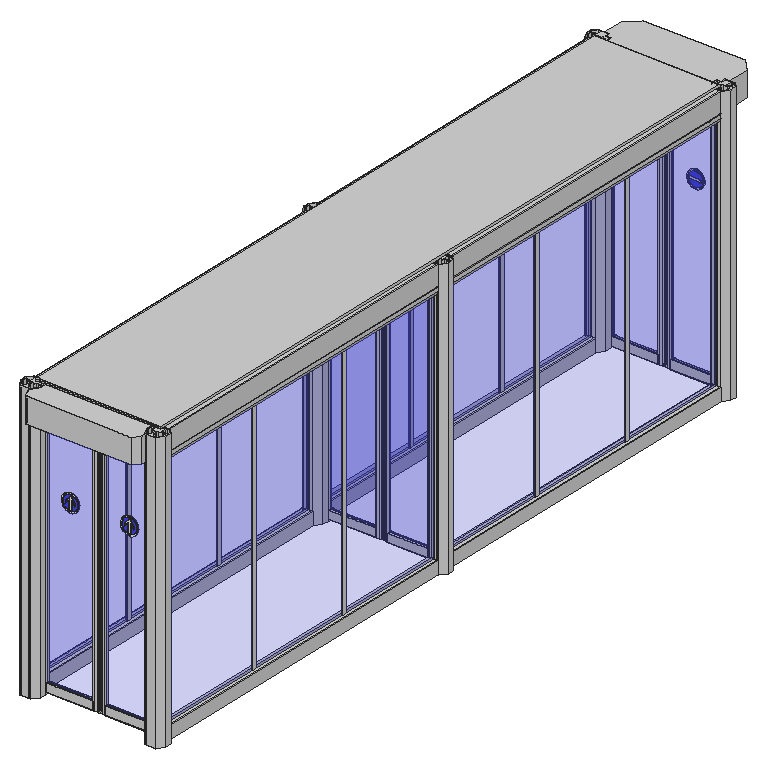
Revit family "agtatec_Record_ScrtTnnl_FlipFlowTriple_Standalone2", category Doors, Revit 2015
Parameters (values of type "FlipFlow Triple_1229")
  Width = NominalWidth  # 1229.00 mm
  Weight = "n/a"
  WarrantyStartDate [instance] = "369.999988368056"
  WarrantyGuarantorParts = "Local door manufacturer"
  WarrantyDurationUnit = "Depends on country"
  WarrantyDurationParts = "Depends on country"
  WarrantyDescription = "Depends on country"
  Version = "1"
  Uniclass2015Version = "1.9"
  Uniclass2015Title = "High security doorsets"
  Uniclass2015Code = "Pr_30_59_24_37"
  URL = ""
  Type Comments = ""
  ThresholdStripping = no
  ThresholdRequired = no
  Thickness = 0.00 mm
  ThermalTransmittance = 0
  TagNumber [instance] = "n/a"
  SmokeStop = no
  Size = "2365x6577x1229"
  Shape = "cuboid shaped"
  SerialNumber [instance] = "n/a"
  Sensor = agtatec_Record_Aluminium
  SelfClosing = yes
  SafetyDevices = "YES"
  Rubber = agtatec_Record_Rubber
  Rough Width = NominalWidth  # 1229.00 mm
  Rough Height = NominalHeight  # 2365.00 mm
  Revision = "n/a"
  ReplacementCost = "Depends on the configuration and door type"
  Reference = "n/a"
  ProductInformation = "www.agta-record.com"
  PassageWidthOptions = "650/900/1100/1205"
  PassageWidth = 900.00 mm
  PassageHeight = 2150.00 mm
  PanelWidth = (PassageWidth / 2) + 23.10 mm  # 473.10 mm
  PanelGlass = agtatec_Record_Glass
  Operation = "Automatic"
  OperatingTemperature = "n/a"
  OpeningRotationAngle = if(OpenDoor, 90.00°, 0.00°)  # 0.00°
  OpenDoor = no
  NominalWidth = 1229.00 mm
  NominalLength = 6577.00 mm
  NominalHeight = 2365.00 mm
  Name = "record FlipFlow Triple"
  NBSReference = "25-50-20/178"
  NBSDescription = "Sliding Doorset"
  ModelReference = "depends on the configuration"
  ModelNumber = "n/a"
  Model = ""
  Material = "Aluminium"
  ManufacturerURL = "www.agta-record.com"
  Manufacturer = "info@blasi.info"
  Length = 5999.839 mm
  LeafColourOptions = "n/a"
  Keynote = ""
  IsExternal = no
  InstallationDate [instance] = "369.999988368056"
  Infiltration = 0
  IfcExportType = "Door"
  IfcExportAs = "IFCDoorStyle"
  HeightUnderCanopyOptions = "n/a"
  Height = NominalHeight  # 2365.00 mm
  HasDrive = yes
  HandicapAccessible = yes
  Grade = "n/a"
  GlassType = "n/a"
  GlassThickness2 = 0.00 mm
  GlassThickness1 = 0.00 mm
  GlassLayers = 1
  Function = Exterior
  Frames = agtatec_Record_Aluminium
  FrameProfile = "n/a"
  FrameMaterial = agtatec_Record_Aluminium
  FrameFinishOptions = "stainless steel finish"
  Fire Rating = ""
  Finish = "Aluminium and Glass"
  Features = "n/a"
  Extended = no
  ExpectedLife = "n/a"
  ElectronicLock = yes
  DurationUnit = "Year"
  DoorsetOptions = "n/a"
  DoorsetOperation = "n/a"
  DoorsetFasteners = "n/a"
  DoorSeal = yes
  DoorIncluded = yes
  DiameterOptions = "n/a"
  Description = ""
  Cost = 0
  Construction Type = "Automatic Sliding Door"
  Constituents = "n/a"
  Configuration = "n/a"
  Color = "RAL"
  CodePerformance = "n/a"
  Category = "n/a"
  Capacity = "up tp 2000 people / hour"
  CanopyHeightOptions = "n/a"
  CanopyHeight = 211.00 mm
  BarCode [instance] = "n/a"
  BIMObjectName = "agtatec_Record_ScrtTnnl_FlipFlowTriple_Standalone"
  Author = "agtatec"
  AssetType = "n/a"
  AssetIdentifier [instance] = "n/a"
  Assembly Code = ""
  AntiFingerTrapRequirement = no
  AlternativeDoorsetGlazing = "n/a"
  AccessoryOptions = "n/a"
  AccessibilityPerformance = "n/a"
Reference planes
  plane 1 "Entry": y = 0
  plane 2: z = 0
  plane 3 "Center (Left/Right)": x = 0
  plane 4 "Top": z = 2361
  plane 5 "PH": z = 2150
  plane 6: x = -450
  plane 7: x = 450
  plane 8 "Exit": y = 5999.839
  plane 9 "Center": y = 2999.92
  plane 10: x = 473.1
  plane 11: x = -473.1
  plane 12: x = 528.05
  plane 13: x = 536.25
  plane 14: x = -528.05
  plane 15: x = -536.25
  plane 16: y = 3009.27
  plane 17: y = 2879.26
  plane 18: y = 9.35
  plane 19: y = 5879.3
  plane 20: y = 1922.623
  plane 21: y = 965.987
  plane 22: y = 4922.623
  plane 23: y = 3965.946
  plane 24: y = 1926.623
  plane 25: y = 1918.623
  plane 26: y = 969.987
  plane 27: y = 961.987
  plane 28: y = 4926.623
  plane 29: y = 4918.623
  plane 30: y = 3969.946
  plane 31: y = 3961.946
  plane 32: y = 17.45
  plane 33: y = 2871.16
  plane 34: y = 3017.37
  plane 35: y = 5871.079
  plane 36: z = 70.9
  plane 37: z = 2130.9
  plane 38 "Sensor": y = 6298
Forms (mm)
  Sweep 1, solid, material "agtatec_Record_Aluminium" <- "Frames"
    path origin (0, 0, 0) x (1, 0, 0) y (0, 0, 1)
      loop
        line (450, 0) -> (450, 2361)
    profile origin (450, 0, 1180.5) x (-1, 0, 0) y (0, -1, 0)
      loop
        line (-37.465, 128.76) -> (-127.035, 128.76) -> (-164.5, 68.803) -> (-164.5, 20.298) -> (-126.752, -17.45) -> (-94.75, -17.45) -> (-94.75, 2.55) -> (-69.55, 2.55) -> (-69.55, -17.45) -> (-43.296, -17.45) -> (-43.296, 20.296) -> (0, 20.296) -> (0, 68.803) -> (-37.465, 128.76)
      loop
        line (-93.15, 103.76) -> (-100.15, 103.76) -> (-100.15, 113.76) -> (-110.85, 113.76) -> (-110.85, 121.863) -> (-127.78, 121.863) -> (-162, 67.057) -> (-162, 65.303) -> (-144.6, 65.303) -> (-144.6, 44) -> (-121.65, 44) -> (-121.65, 53.5) -> (-84.65, 53.5) -> (-84.65, 90.06) -> (-93.15, 90.06) -> (-93.15, 103.76)
      loop
        line (-71.15, 103.76) -> (-71.15, 90.06) -> (-79.65, 90.06) -> (-79.65, 53.5) -> (-42.65, 53.5) -> (-42.65, 44) -> (-19.9, 44) -> (-19.9, 65.303) -> (-2.3, 65.303) -> (-2.3, 67.057) -> (-36.52, 121.863) -> (-53.45, 121.863) -> (-53.45, 113.76) -> (-64.15, 113.76) -> (-64.15, 103.76) -> (-71.15, 103.76)
      loop
        line (-102.6, 39) -> (-162, 39) -> (-162, 21.326) -> (-129.934, -10.74) -> (-106, -10.74) -> (-106, -7.95) -> (-102.6, -7.95) -> (-102.6, 39)
  Sweep 2, solid, material "agtatec_Record_Aluminium" <- "Frames"
    path origin (0, 2999.92, 0) x (1, 0, 0) y (0, 0, 1)
      loop
        line (450, 0) -> (450, 2361)
    profile origin (450, 2999.92, 1180.5) x (-1, 0, 0) y (0, -1, 0)
      loop
        line (-37.465, 128.76) -> (-69.55, 128.76) -> (-69.55, 108.76) -> (-94.75, 108.76) -> (-94.75, 128.76) -> (-127.035, 128.76) -> (-164.5, 68.803) -> (-164.5, 20.298) -> (-126.752, -17.45) -> (-94.75, -17.45) -> (-94.75, 2.55) -> (-69.55, 2.55) -> (-69.55, -17.45) -> (-43.296, -17.45) -> (-43.296, 20.296) -> (0, 20.296) -> (0, 68.803) -> (-37.465, 128.76)
      loop
        line (-93.15, 103.76) -> (-100.15, 103.76) -> (-100.15, 113.76) -> (-110.85, 113.76) -> (-110.85, 121.863) -> (-127.78, 121.863) -> (-162, 67.057) -> (-162, 65.303) -> (-144.6, 65.303) -> (-144.6, 44) -> (-121.65, 44) -> (-121.65, 53.5) -> (-84.65, 53.5) -> (-84.65, 90.06) -> (-93.15, 90.06) -> (-93.15, 103.76)
      loop
        line (-71.15, 103.76) -> (-71.15, 90.06) -> (-79.65, 90.06) -> (-79.65, 53.5) -> (-42.65, 53.5) -> (-42.65, 44) -> (-19.9, 44) -> (-19.9, 65.303) -> (-2.3, 65.303) -> (-2.3, 67.057) -> (-36.52, 121.863) -> (-53.45, 121.863) -> (-53.45, 113.76) -> (-64.15, 113.76) -> (-64.15, 103.76) -> (-71.15, 103.76)
      loop
        line (-102.6, 39) -> (-162, 39) -> (-162, 21.326) -> (-129.934, -10.74) -> (-106, -10.74) -> (-106, -7.95) -> (-102.6, -7.95) -> (-102.6, 39)
  Sweep 3, solid, material "agtatec_Record_Aluminium" <- "Frames"
    path origin (0, 5999.839, 0) x (1, 0, 0) y (0, 0, 1)
      loop
        line (450, 0) -> (450, 2361)
    profile origin (450, 5999.839, 1180.5) x (-1, 0, 0) y (0, -1, 0)
      loop
        line (-37.465, 128.76) -> (-69.55, 128.76) -> (-69.55, 108.76) -> (-94.75, 108.76) -> (-94.75, 128.76) -> (-127.035, 128.76) -> (-164.5, 68.803) -> (-164.5, 20.298) -> (-126.752, -17.45) -> (-43.296, -17.45) -> (-43.296, 20.296) -> (0, 20.296) -> (0, 68.803) -> (-37.465, 128.76)
      loop
        line (-93.15, 103.76) -> (-100.15, 103.76) -> (-100.15, 113.76) -> (-110.85, 113.76) -> (-110.85, 121.863) -> (-127.78, 121.863) -> (-162, 67.057) -> (-162, 65.303) -> (-144.6, 65.303) -> (-144.6, 44) -> (-121.65, 44) -> (-121.65, 53.5) -> (-84.65, 53.5) -> (-84.65, 90.06) -> (-93.15, 90.06) -> (-93.15, 103.76)
      loop
        line (-71.15, 103.76) -> (-71.15, 90.06) -> (-79.65, 90.06) -> (-79.65, 53.5) -> (-42.65, 53.5) -> (-42.65, 44) -> (-19.9, 44) -> (-19.9, 65.303) -> (-2.3, 65.303) -> (-2.3, 67.057) -> (-36.52, 121.863) -> (-53.45, 121.863) -> (-53.45, 113.76) -> (-64.15, 113.76) -> (-64.15, 103.76) -> (-71.15, 103.76)
      loop
        line (-102.6, 39) -> (-162, 39) -> (-162, 21.326) -> (-129.934, -10.74) -> (-106, -10.74) -> (-106, -7.95) -> (-102.6, -7.95) -> (-102.6, 39)
  Sweep 4, solid, material "agtatec_Record_Aluminium" <- "Frames"
    path origin (0, 0, 0) x (-1, 0, 0) y (0, 0, 1)
      loop
        line (450, 0) -> (450, 2361)
    profile origin (-450, 0, 1180.5) x (-1, 0, 0) y (0, -1, 0)
      loop
        line (37.465, 128.76) -> (0, 68.803) -> (0, 20.296) -> (43.296, 20.296) -> (43.296, -17.45) -> (69.55, -17.45) -> (69.55, 2.55) -> (94.75, 2.55) -> (94.75, -17.45) -> (126.752, -17.45) -> (164.5, 20.298) -> (164.5, 68.803) -> (127.035, 128.76) -> (37.465, 128.76)
      loop
        line (93.15, 103.76) -> (93.15, 90.06) -> (84.65, 90.06) -> (84.65, 53.5) -> (121.65, 53.5) -> (121.65, 44) -> (144.6, 44) -> (144.6, 65.303) -> (162, 65.303) -> (162, 67.057) -> (127.78, 121.863) -> (110.85, 121.863) -> (110.85, 113.76) -> (100.15, 113.76) -> (100.15, 103.76) -> (93.15, 103.76)
      loop
        line (71.15, 103.76) -> (64.15, 103.76) -> (64.15, 113.76) -> (53.45, 113.76) -> (53.45, 121.863) -> (36.52, 121.863) -> (2.3, 67.057) -> (2.3, 65.303) -> (19.9, 65.303) -> (19.9, 44) -> (42.65, 44) -> (42.65, 53.5) -> (79.65, 53.5) -> (79.65, 90.06) -> (71.15, 90.06) -> (71.15, 103.76)
      loop
        line (102.6, 39) -> (102.6, -7.95) -> (106, -7.95) -> (106, -10.74) -> (129.934, -10.74) -> (162, 21.326) -> (162, 39) -> (102.6, 39)
  Sweep 5, solid, material "agtatec_Record_Aluminium" <- "Frames"
    path origin (0, 2999.92, 0) x (-1, 0, 0) y (0, 0, 1)
      loop
        line (450, 0) -> (450, 2361)
    profile origin (-450, 2999.92, 1180.5) x (-1, 0, 0) y (0, -1, 0)
      loop
        line (37.465, 128.76) -> (0, 68.803) -> (0, 20.296) -> (43.296, 20.296) -> (43.296, -17.45) -> (69.55, -17.45) -> (69.55, 2.55) -> (94.75, 2.55) -> (94.75, -17.45) -> (126.752, -17.45) -> (164.5, 20.298) -> (164.5, 68.803) -> (127.035, 128.76) -> (94.75, 128.76) -> (94.75, 108.76) -> (69.55, 108.76) -> (69.55, 128.76) -> (37.465, 128.76)
      loop
        line (93.15, 103.76) -> (93.15, 90.06) -> (84.65, 90.06) -> (84.65, 53.5) -> (121.65, 53.5) -> (121.65, 44) -> (144.6, 44) -> (144.6, 65.303) -> (162, 65.303) -> (162, 67.057) -> (127.78, 121.863) -> (110.85, 121.863) -> (110.85, 113.76) -> (100.15, 113.76) -> (100.15, 103.76) -> (93.15, 103.76)
      loop
        line (71.15, 103.76) -> (64.15, 103.76) -> (64.15, 113.76) -> (53.45, 113.76) -> (53.45, 121.863) -> (36.52, 121.863) -> (2.3, 67.057) -> (2.3, 65.303) -> (19.9, 65.303) -> (19.9, 44) -> (42.65, 44) -> (42.65, 53.5) -> (79.65, 53.5) -> (79.65, 90.06) -> (71.15, 90.06) -> (71.15, 103.76)
      loop
        line (102.6, 39) -> (102.6, -7.95) -> (106, -7.95) -> (106, -10.74) -> (129.934, -10.74) -> (162, 21.326) -> (162, 39) -> (102.6, 39)
  Sweep 6, solid, material "agtatec_Record_Aluminium" <- "Frames"
    path origin (0, 5999.839, 0) x (-1, 0, 0) y (0, 0, 1)
      loop
        line (450, 0) -> (450, 2361)
    profile origin (-450, 5999.839, 1180.5) x (-1, 0, 0) y (0, -1, 0)
      loop
        line (37.465, 128.76) -> (0, 68.803) -> (0, 20.296) -> (43.296, 20.296) -> (43.296, -17.45) -> (126.752, -17.45) -> (164.5, 20.298) -> (164.5, 68.803) -> (127.035, 128.76) -> (94.75, 128.76) -> (94.75, 108.76) -> (69.55, 108.76) -> (69.55, 128.76) -> (37.465, 128.76)
      loop
        line (93.15, 103.76) -> (93.15, 90.06) -> (84.65, 90.06) -> (84.65, 53.5) -> (121.65, 53.5) -> (121.65, 44) -> (144.6, 44) -> (144.6, 65.303) -> (162, 65.303) -> (162, 67.057) -> (127.78, 121.863) -> (110.85, 121.863) -> (110.85, 113.76) -> (100.15, 113.76) -> (100.15, 103.76) -> (93.15, 103.76)
      loop
        line (71.15, 103.76) -> (64.15, 103.76) -> (64.15, 113.76) -> (53.45, 113.76) -> (53.45, 121.863) -> (36.52, 121.863) -> (2.3, 67.057) -> (2.3, 65.303) -> (19.9, 65.303) -> (19.9, 44) -> (42.65, 44) -> (42.65, 53.5) -> (79.65, 53.5) -> (79.65, 90.06) -> (71.15, 90.06) -> (71.15, 103.76)
      loop
        line (102.6, 39) -> (102.6, -7.95) -> (106, -7.95) -> (106, -10.74) -> (129.934, -10.74) -> (162, 21.326) -> (162, 39) -> (102.6, 39)
  Extrusion 7, solid, material "agtatec_Record_Glass" <- "PanelGlass"
    sketch origin (0, 0, 0) x (1, 0, 0) y (0, 1, 0)
      loop
        line (536.25, 9.35) -> (536.25, 961.987) -> (528.05, 961.987) -> (528.05, 9.35) -> (536.25, 9.35)
      loop
        line (536.25, 2879.26) -> (528.05, 2879.26) -> (528.05, 1926.623) -> (536.25, 1926.623) -> (536.25, 2879.26)
      loop
        line (536.25, 3009.27) -> (536.25, 3961.946) -> (528.05, 3961.946) -> (528.05, 3009.27) -> (536.25, 3009.27)
      loop
        line (536.25, 5879.3) -> (528.05, 5879.3) -> (528.05, 4926.623) -> (536.25, 4926.623) -> (536.25, 5879.3)
      loop
        line (536.25, 969.987) -> (536.25, 1918.623) -> (528.05, 1918.623) -> (528.05, 969.987) -> (536.25, 969.987)
      loop
        line (536.25, 3969.946) -> (536.25, 4918.623) -> (528.05, 4918.623) -> (528.05, 3969.946) -> (536.25, 3969.946)
    from 70.9 to 2130.9
  Extrusion 8, solid, material "agtatec_Record_Glass" <- "PanelGlass"
    sketch origin (0, 0, 0) x (-1, 0, 0) y (0, -1, 0)
      loop
        line (536.25, -9.35) -> (528.05, -9.35) -> (528.05, -961.987) -> (536.25, -961.987) -> (536.25, -9.35)
      loop
        line (536.25, -2879.26) -> (536.25, -1926.623) -> (528.05, -1926.623) -> (528.05, -2879.26) -> (536.25, -2879.26)
      loop
        line (536.25, -3009.27) -> (528.05, -3009.27) -> (528.05, -3961.946) -> (536.25, -3961.946) -> (536.25, -3009.27)
      loop
        line (536.25, -5879.3) -> (536.25, -4926.623) -> (528.05, -4926.623) -> (528.05, -5879.3) -> (536.25, -5879.3)
      loop
        line (528.05, -969.987) -> (528.05, -1918.623) -> (536.25, -1918.623) -> (536.25, -969.987) -> (528.05, -969.987)
      loop
        line (528.05, -3969.946) -> (528.05, -4918.623) -> (536.25, -4918.623) -> (536.25, -3969.946) -> (528.05, -3969.946)
    from 0 to 2130.9
  Sweep 9, solid, material "agtatec_Record_Aluminium" <- "Frames"
    path origin (-3291.85, 965.987, 1200) x (1, 0, 0) y (0, 0, 1)
      loop
        line (3741.85, -1129.1) -> (3741.85, 930.9)
    profile origin (450, 965.987, 1100.9) x (-1, 0, 0) y (0, -1, 0)
      loop
        line (-77.85, -1) -> (-77.85, -15) -> (-75.85, -15) -> (-75.85, 15) -> (-77.85, 15) -> (-77.85, 1) -> (-86.45, 1) -> (-86.45, 15) -> (-88.45, 15) -> (-88.45, -15) -> (-86.45, -15) -> (-86.45, -1) -> (-77.85, -1)
  Sweep 10, solid, material "agtatec_Record_Aluminium" <- "Frames"
    path origin (-3291.85, 1922.623, 1200) x (1, 0, 0) y (0, 0, 1)
      loop
        line (3741.85, -1129.1) -> (3741.85, 930.9)
    profile origin (450, 1922.623, 1100.9) x (-1, 0, 0) y (0, -1, 0)
      loop
        line (-77.85, -1) -> (-77.85, -15) -> (-75.85, -15) -> (-75.85, 15) -> (-77.85, 15) -> (-77.85, 1) -> (-86.45, 1) -> (-86.45, 15) -> (-88.45, 15) -> (-88.45, -15) -> (-86.45, -15) -> (-86.45, -1) -> (-77.85, -1)
  Sweep 11, solid, material "agtatec_Record_Aluminium" <- "Frames"
    path origin (-3291.85, 3965.946, 1200) x (1, 0, 0) y (0, 0, 1)
      loop
        line (3741.85, -1129.1) -> (3741.85, 930.9)
    profile origin (450, 3965.946, 1100.9) x (-1, 0, 0) y (0, -1, 0)
      loop
        line (-77.85, -1) -> (-77.85, -15) -> (-75.85, -15) -> (-75.85, 15) -> (-77.85, 15) -> (-77.85, 1) -> (-86.45, 1) -> (-86.45, 15) -> (-88.45, 15) -> (-88.45, -15) -> (-86.45, -15) -> (-86.45, -1) -> (-77.85, -1)
  Sweep 12, solid, material "agtatec_Record_Aluminium" <- "Frames"
    path origin (-3291.85, 4922.623, 1200) x (1, 0, 0) y (0, 0, 1)
      loop
        line (3741.85, -1129.1) -> (3741.85, 930.9)
    profile origin (450, 4922.623, 1100.9) x (-1, 0, 0) y (0, -1, 0)
      loop
        line (-77.85, -1) -> (-77.85, -15) -> (-75.85, -15) -> (-75.85, 15) -> (-77.85, 15) -> (-77.85, 1) -> (-86.45, 1) -> (-86.45, 15) -> (-88.45, 15) -> (-88.45, -15) -> (-86.45, -15) -> (-86.45, -1) -> (-77.85, -1)
  Sweep 13, solid, material "agtatec_Record_Aluminium" <- "Frames"
    path origin (3291.85, 965.987, 1200) x (-1, 0, 0) y (0, 0, -1)
      loop
        line (3741.85, 1129.1) -> (3741.85, -930.9)
    profile origin (-450, 965.987, 1100.9) x (-1, 0, 0) y (0, -1, 0)
      loop
        line (77.85, -1) -> (86.45, -1) -> (86.45, -15) -> (88.45, -15) -> (88.45, 15) -> (86.45, 15) -> (86.45, 1) -> (77.85, 1) -> (77.85, 15) -> (75.85, 15) -> (75.85, -15) -> (77.85, -15) -> (77.85, -1)
  Sweep 14, solid, material "agtatec_Record_Aluminium" <- "Frames"
    path origin (3291.85, 1922.623, 1200) x (-1, 0, 0) y (0, 0, -1)
      loop
        line (3741.85, 1129.1) -> (3741.85, -930.9)
    profile origin (-450, 1922.623, 1100.9) x (-1, 0, 0) y (0, -1, 0)
      loop
        line (77.85, -1) -> (86.45, -1) -> (86.45, -15) -> (88.45, -15) -> (88.45, 15) -> (86.45, 15) -> (86.45, 1) -> (77.85, 1) -> (77.85, 15) -> (75.85, 15) -> (75.85, -15) -> (77.85, -15) -> (77.85, -1)
  Sweep 15, solid, material "agtatec_Record_Aluminium" <- "Frames"
    path origin (-3291.85, 3965.946, 1200) x (1, 0, 0) y (0, 0, 1)
      loop
        line (2841.85, -1129.1) -> (2841.85, 930.9)
    profile origin (-450, 3965.946, 1100.9) x (-1, 0, 0) y (0, -1, 0)
      loop
        line (77.85, -1) -> (86.45, -1) -> (86.45, -15) -> (88.45, -15) -> (88.45, 15) -> (86.45, 15) -> (86.45, 1) -> (77.85, 1) -> (77.85, 15) -> (75.85, 15) -> (75.85, -15) -> (77.85, -15) -> (77.85, -1)
  Sweep 16, solid, material "agtatec_Record_Aluminium" <- "Frames"
    path origin (-3291.85, 4922.623, 1200) x (1, 0, 0) y (0, 0, 1)
      loop
        line (2841.85, -1129.1) -> (2841.85, 930.9)
    profile origin (-450, 4922.623, 1100.9) x (-1, 0, 0) y (0, -1, 0)
      loop
        line (77.85, -1) -> (86.45, -1) -> (86.45, -15) -> (88.45, -15) -> (88.45, 15) -> (86.45, 15) -> (86.45, 1) -> (77.85, 1) -> (77.85, 15) -> (75.85, 15) -> (75.85, -15) -> (77.85, -15) -> (77.85, -1)
  Sweep 17, solid, material "agtatec_Record_Aluminium" <- "Frames"
    path origin (0, 0, 0) x (1, 0, 0) y (0, 1, 0)
      loop
        line (450, 17.45) -> (450, 2871.16)
    profile origin (450, 1444.305, 0) x (-1, 0, 0) y (0, 0, 1)
      loop
        line (-39.65, 0.9) -> (-39.65, 105.9)
        arc (-39.65, 105.9) -> (-41.114, 109.436) -> (-44.65, 110.9) r 5
        line (-44.65, 110.9) -> (-72.65, 110.9) -> (-72.65, 70.9) -> (-91.65, 70.9) -> (-91.65, 110.9) -> (-119.65, 110.9)
        arc (-119.65, 110.9) -> (-123.186, 109.436) -> (-124.65, 105.9) r 5
        line (-124.65, 105.9) -> (-124.65, 0.9) -> (-39.65, 0.9)
  Sweep 18, solid, material "agtatec_Record_Aluminium" <- "Frames"
    path origin (0, 2999.96, 0) x (1, 0, 0) y (0, 1, 0)
      loop
        line (450, 17.41) -> (450, 2871.119)
    profile origin (450, 4444.224, 0) x (-1, 0, 0) y (0, 0, 1)
      loop
        line (-39.65, 0.9) -> (-39.65, 105.9)
        arc (-39.65, 105.9) -> (-41.114, 109.436) -> (-44.65, 110.9) r 5
        line (-44.65, 110.9) -> (-72.65, 110.9) -> (-72.65, 70.9) -> (-91.65, 70.9) -> (-91.65, 110.9) -> (-119.65, 110.9)
        arc (-119.65, 110.9) -> (-123.186, 109.436) -> (-124.65, 105.9) r 5
        line (-124.65, 105.9) -> (-124.65, 0.9) -> (-39.65, 0.9)
  Sweep 19, solid, material "agtatec_Record_Aluminium" <- "Frames"
    path origin (0, 0, 0) x (-1, 0, 0) y (0, 1, 0)
      loop
        line (450, 17.45) -> (450, 2871.16)
    profile origin (-450, 1444.305, 0) x (-1, 0, 0) y (0, 0, 1)
      loop
        line (39.65, 0.9) -> (124.65, 0.9) -> (124.65, 105.9)
        arc (124.65, 105.9) -> (123.186, 109.436) -> (119.65, 110.9) r 5
        line (119.65, 110.9) -> (91.65, 110.9) -> (91.65, 70.9) -> (72.65, 70.9) -> (72.65, 110.9) -> (44.65, 110.9)
        arc (44.65, 110.9) -> (41.114, 109.436) -> (39.65, 105.9) r 5
        line (39.65, 105.9) -> (39.65, 0.9)
  Sweep 20, solid, material "agtatec_Record_Aluminium" <- "Frames"
    path origin (0, 2999.96, 0) x (-1, 0, 0) y (0, 1, 0)
      loop
        line (450, 17.41) -> (450, 2871.119)
    profile origin (-450, 4444.224, 0) x (-1, 0, 0) y (0, 0, 1)
      loop
        line (39.65, 0.9) -> (124.65, 0.9) -> (124.65, 105.9)
        arc (124.65, 105.9) -> (123.186, 109.436) -> (119.65, 110.9) r 5
        line (119.65, 110.9) -> (91.65, 110.9) -> (91.65, 70.9) -> (72.65, 70.9) -> (72.65, 110.9) -> (44.65, 110.9)
        arc (44.65, 110.9) -> (41.114, 109.436) -> (39.65, 105.9) r 5
        line (39.65, 105.9) -> (39.65, 0.9)
  Sweep 21, solid, material "agtatec_Record_Aluminium" <- "Frames"
    path origin (0, 0, 2150) x (-1, 0, 0) y (0, -1, 0)
      loop
        line (-450, -17.45) -> (-450, -2871.16)
    profile origin (450, 1444.305, 2150) x (-1, 0, 0) y (0, 0, 1)
      loop
        line (-60.47, -28.7) -> (-43.15, 1.3) -> (-43.15, 38.1) -> (-115.65, 38.1)
        arc (-115.65, 38.1) -> (-118.125, 39.125) -> (-119.15, 41.6) r 3.5
        line (-119.15, 41.6) -> (-119.15, 105.35) -> (-46.15, 105.35) -> (-46.15, 142.35) -> (-119.15, 142.35) -> (-119.15, 206.6)
        arc (-119.15, 206.6) -> (-118.271, 208.721) -> (-116.15, 209.6) r 3
        line (-116.15, 209.6) -> (-71.15, 209.6) -> (-71.15, 211.6) -> (-116.15, 211.6)
        arc (-116.15, 211.6) -> (-119.686, 210.136) -> (-121.15, 206.6) r 5
        line (-121.15, 206.6) -> (-121.15, 41.6)
        arc (-121.15, 41.6) -> (-119.539, 37.711) -> (-115.65, 36.1) r 5.5
        line (-115.65, 36.1) -> (-115.65, 35.1) -> (-121.15, 35.1) -> (-121.15, 1.3) -> (-103.83, -28.7) -> (-92.15, -28.7) -> (-92.15, -33.1) -> (-89.15, -33.1) -> (-89.15, -19.1) -> (-75.15, -19.1) -> (-75.15, -33.1) -> (-72.15, -33.1) -> (-72.15, -28.7) -> (-60.47, -28.7)
  Sweep 22, solid, material "agtatec_Record_Aluminium" <- "Frames"
    path origin (0, 2999.96, 2150) x (-1, 0, 0) y (0, -1, 0)
      loop
        line (-450, -17.45) -> (-450, -2871.16)
    profile origin (450, 4444.265, 2150) x (-1, 0, 0) y (0, 0, 1)
      loop
        line (-60.47, -28.7) -> (-43.15, 1.3) -> (-43.15, 38.1) -> (-115.65, 38.1)
        arc (-115.65, 38.1) -> (-118.125, 39.125) -> (-119.15, 41.6) r 3.5
        line (-119.15, 41.6) -> (-119.15, 105.35) -> (-46.15, 105.35) -> (-46.15, 142.35) -> (-119.15, 142.35) -> (-119.15, 206.6)
        arc (-119.15, 206.6) -> (-118.271, 208.721) -> (-116.15, 209.6) r 3
        line (-116.15, 209.6) -> (-71.15, 209.6) -> (-71.15, 211.6) -> (-116.15, 211.6)
        arc (-116.15, 211.6) -> (-119.686, 210.136) -> (-121.15, 206.6) r 5
        line (-121.15, 206.6) -> (-121.15, 41.6)
        arc (-121.15, 41.6) -> (-119.539, 37.711) -> (-115.65, 36.1) r 5.5
        line (-115.65, 36.1) -> (-115.65, 35.1) -> (-121.15, 35.1) -> (-121.15, 1.3) -> (-103.83, -28.7) -> (-92.15, -28.7) -> (-92.15, -33.1) -> (-89.15, -33.1) -> (-89.15, -19.1) -> (-75.15, -19.1) -> (-75.15, -33.1) -> (-72.15, -33.1) -> (-72.15, -28.7) -> (-60.47, -28.7)
  Sweep 23, solid, material "agtatec_Record_Aluminium" <- "Frames"
    path origin (0, 0, 2150) x (1, 0, 0) y (0, -1, 0)
      loop
        line (-450, -17.45) -> (-450, -2871.16)
    profile origin (-450, 1444.305, 2150) x (-1, 0, 0) y (0, 0, 1)
      loop
        line (60.47, -28.7) -> (72.15, -28.7) -> (72.15, -33.1) -> (75.15, -33.1) -> (75.15, -19.1) -> (89.15, -19.1) -> (89.15, -33.1) -> (92.15, -33.1) -> (92.15, -28.7) -> (103.83, -28.7) -> (121.15, 1.3) -> (121.15, 35.1) -> (115.65, 35.1) -> (115.65, 36.1)
        arc (115.65, 36.1) -> (119.539, 37.711) -> (121.15, 41.6) r 5.5
        line (121.15, 41.6) -> (121.15, 206.6)
        arc (121.15, 206.6) -> (119.686, 210.136) -> (116.15, 211.6) r 5
        line (116.15, 211.6) -> (71.15, 211.6) -> (71.15, 209.6) -> (116.15, 209.6)
        arc (116.15, 209.6) -> (118.271, 208.721) -> (119.15, 206.6) r 3
        line (119.15, 206.6) -> (119.15, 142.35) -> (46.15, 142.35) -> (46.15, 105.35) -> (119.15, 105.35) -> (119.15, 41.6)
        arc (119.15, 41.6) -> (118.125, 39.125) -> (115.65, 38.1) r 3.5
        line (115.65, 38.1) -> (43.15, 38.1) -> (43.15, 1.3) -> (60.47, -28.7)
  Sweep 24, solid, material "agtatec_Record_Aluminium" <- "Frames"
    path origin (0, 2999.96, 2150) x (1, 0, 0) y (0, -1, 0)
      loop
        line (-450, -17.45) -> (-450, -2871.16)
    profile origin (-450, 4444.265, 2150) x (-1, 0, 0) y (0, 0, 1)
      loop
        line (60.47, -28.7) -> (72.15, -28.7) -> (72.15, -33.1) -> (75.15, -33.1) -> (75.15, -19.1) -> (89.15, -19.1) -> (89.15, -33.1) -> (92.15, -33.1) -> (92.15, -28.7) -> (103.83, -28.7) -> (121.15, 1.3) -> (121.15, 35.1) -> (115.65, 35.1) -> (115.65, 36.1)
        arc (115.65, 36.1) -> (119.539, 37.711) -> (121.15, 41.6) r 5.5
        line (121.15, 41.6) -> (121.15, 206.6)
        arc (121.15, 206.6) -> (119.686, 210.136) -> (116.15, 211.6) r 5
        line (116.15, 211.6) -> (71.15, 211.6) -> (71.15, 209.6) -> (116.15, 209.6)
        arc (116.15, 209.6) -> (118.271, 208.721) -> (119.15, 206.6) r 3
        line (119.15, 206.6) -> (119.15, 142.35) -> (46.15, 142.35) -> (46.15, 105.35) -> (119.15, 105.35) -> (119.15, 41.6)
        arc (119.15, 41.6) -> (118.125, 39.125) -> (115.65, 38.1) r 3.5
        line (115.65, 38.1) -> (43.15, 38.1) -> (43.15, 1.3) -> (60.47, -28.7)
  Extrusion 25, solid, material "agtatec_Record_Aluminium" <- "Frames"
    sketch origin (0, 0, 0) x (0, 1, 0) y (0, 0, 1)
      loop
        line (5914.889, 2361) -> (5914.889, 2372.5)
        arc (5914.889, 2372.5) -> (5913.718, 2375.328) -> (5910.889, 2376.5) r 4
        line (5910.889, 2376.5) -> (-12.95, 2376.5)
        arc (-12.95, 2376.5) -> (-15.778, 2375.328) -> (-16.95, 2372.5) r 4
        line (-16.95, 2372.5) -> (-16.95, 2361) -> (5914.889, 2361)
    from -528.05 to 528.05
  Extrusion 26, solid, material "agtatec_Record_Aluminium" <- "Frames"
    sketch origin (0, 0, 2150) x (-1, 0, 0) y (0, -1, 0)
      loop
        line (-493.15, 20.296) -> (-493.15, -2871.16) -> (-487.465, -2871.16) -> (-450, -2931.117) -> (-450, -2979.623) -> (-493.15, -2979.623) -> (-493.15, -5871.079) -> (-487.465, -5871.079) -> (-450, -5931.036) -> (-450, -5979.543) -> (-493.296, -5979.543) -> (-493.296, -6017.289) -> (-531.25, -6017.289) -> (-531.25, -6198.829) -> (-432.079, -6298) -> (432.079, -6298) -> (531.25, -6198.829) -> (531.25, -6017.289) -> (493.296, -6017.289) -> (493.296, -5979.543) -> (450, -5979.543) -> (450, -5931.036) -> (487.465, -5871.079) -> (493.15, -5871.079) -> (493.15, -2979.623) -> (450, -2979.623) -> (450, -2931.117) -> (487.465, -2871.16) -> (493.15, -2871.16) -> (493.15, 20.296) -> (450, 20.296) -> (450, 68.803) -> (487.75, 129.216) -> (487.75, 161.56) -> (448.108, 225) -> (-448.108, 225) -> (-487.75, 161.56) -> (-487.75, 129.216) -> (-450, 68.803) -> (-450, 20.296) -> (-493.15, 20.296)
    from 0 to 10
  Extrusion 27, solid, material "agtatec_Record_Aluminium" <- "Frames"
    sketch origin (0, 0, 2150) x (-1, 0, 0) y (0, -1, 0)
      loop
        line (-531.25, -6198.829) -> (-432.079, -6298) -> (432.079, -6298) -> (531.25, -6198.829) -> (531.25, -6017.289) -> (529.25, -6017.289) -> (529.25, -6198) -> (431.25, -6296) -> (-431.25, -6296) -> (-529.25, -6198) -> (-529.25, -6017.289) -> (-531.25, -6017.289) -> (-531.25, -6198.829)
    from 0 to 211
  Extrusion 28, solid, material "agtatec_Record_Aluminium" <- "Frames"
    sketch origin (0, 0, 2150) x (-1, 0, 0) y (0, -1, 0)
      loop
        line (487.75, 128.76) -> (487.75, 161.56) -> (448.108, 225) -> (-448.108, 225) -> (-487.75, 161.56) -> (-487.75, 128.76) -> (-485.75, 128.76) -> (-485.75, 160.986) -> (-447, 223) -> (447, 223) -> (485.75, 160.987) -> (485.75, 128.76) -> (487.75, 128.76)
    from 0 to 211
  Extrusion 29, solid, material "agtatec_Record_Aluminium" <- "Frames"
    sketch origin (0, 0, 2361) x (-1, 0, 0) y (0, -1, 0)
      loop
        line (487.75, 129.216) -> (487.75, 161.56) -> (448.108, 225) -> (-448.108, 225) -> (-487.75, 161.56) -> (-487.75, 129.216) -> (-450, 68.803) -> (-450, -17.45) -> (450, -17.45) -> (450, 68.803) -> (487.75, 129.216)
    from 0 to -10
  Extrusion 30, solid, material "agtatec_Record_Aluminium" <- "Frames"
    sketch origin (0, 1645, 2361) x (-1, 0, 0) y (0, -1, 0)
      loop
        line (432.079, -4653) -> (531.25, -4553.829) -> (531.25, -4372.289) -> (493.296, -4372.289) -> (493.296, -4334.543) -> (450, -4334.543) -> (450, -4286.036) -> (487.465, -4226.079) -> (-487.465, -4226.079) -> (-450, -4286.036) -> (-450, -4334.543) -> (-493.296, -4334.543) -> (-493.296, -4372.289) -> (-531.25, -4372.289) -> (-531.25, -4553.829) -> (-432.079, -4653) -> (432.079, -4653)
    from 0 to -10
  Extrusion 31, solid, material "agtatec_Record_Aluminium" <- "Sensor", detail levels fine
    sketch origin (0, 0, 0) x (0, 1, 0) y (0, 0, 1)
      loop
        line (-128.53, 2150) -> (-155.03, 2150)
        arc (-155.03, 2150) -> (-141.78, 2136.75) -> (-128.53, 2150) r 13.25
    from -92.5 to 92.5
  Extrusion 32, solid, material "agtatec_Record_Aluminium" <- "Sensor", detail levels fine
    sketch origin (0, 0, 0) x (0, 1, 0) y (0, 0, 1)
      loop
        arc (6321.33, 2188.08) -> (6334.58, 2201.33) -> (6321.33, 2214.58) r 13.25
        line (6321.33, 2214.58) -> (6298, 2214.58) -> (6298, 2188.08) -> (6321.33, 2188.08)
    from -135 to 135
Cuts and joins
  joined: Sweep 21, Sweep 22, Sweep 23, Sweep 24, Extrusion 25
  joined: Extrusion 26, Extrusion 27, Extrusion 28, Extrusion 29, Extrusion 30
Lines and regions (mm)
  Masking region 1
    outline origin (-536.25, 0, 0) x (0, 1, 0) y (-1, 0, 0)
      loop
        line (6017.289, -42.954) -> (6017.289, 40.502) -> (5979.541, 78.25) -> (5931.036, 78.25) -> (5871.079, 40.785) -> (5871.079, 38.4) -> (3017.37, 38.4) -> (3017.37, 40.502) -> (2979.622, 78.25) -> (2931.117, 78.25) -> (2871.16, 40.785) -> (2871.16, 38.4) -> (17.45, 38.4) -> (17.45, 40.502) -> (-20.298, 78.25) -> (-68.803, 78.25) -> (-128.76, 40.785) -> (-128.76, -48.785) -> (-68.803, -86.25) -> (-20.296, -86.25) -> (-20.296, -42.954) -> (17.45, -42.954) -> (17.45, -46.6) -> (2871.16, -46.6) -> (2871.16, -48.785) -> (2931.117, -86.25) -> (2979.623, -86.25) -> (2979.623, -42.954) -> (3017.37, -42.954) -> (3017.37, -46.6) -> (5871.079, -46.6) -> (5871.079, -48.785) -> (5931.036, -86.25) -> (5979.543, -86.25) -> (5979.543, -42.954) -> (6017.289, -42.954)
  Masking region 2
    outline origin (536.25, -0.35, 0) x (0, 1, 0) y (-1, 0, 0)
      loop
        line (6017.639, -40.502) -> (6017.639, 42.954) -> (5979.893, 42.954) -> (5979.893, 86.25) -> (5931.386, 86.25) -> (5871.429, 48.785) -> (5871.429, 46.6) -> (3017.72, 46.6) -> (3017.72, 42.954) -> (2979.973, 42.954) -> (2979.973, 86.25) -> (2931.467, 86.25) -> (2871.51, 48.785) -> (2871.51, 46.6) -> (17.8, 46.6) -> (17.8, 42.954) -> (-19.946, 42.954) -> (-19.946, 86.25) -> (-68.453, 86.25) -> (-128.41, 48.785) -> (-128.41, -40.785) -> (-68.453, -78.25) -> (-19.948, -78.25) -> (17.8, -40.502) -> (17.8, -38.4) -> (2871.51, -38.4) -> (2871.51, -40.785) -> (2931.467, -78.25) -> (2979.972, -78.25) -> (3017.72, -40.502) -> (3017.72, -38.4) -> (5871.429, -38.4) -> (5871.429, -40.785) -> (5931.386, -78.25) -> (5979.892, -78.25) -> (6017.639, -40.502)
  symbolic lines, detail levels fine
    curve 1: line (-560.85, -121.863, 0) -> (-577.78, -121.863, 0)
    curve 2: line (-560.85, -113.76, 0) -> (-560.85, -121.863, 0)
    curve 3: line (-550.15, -113.76, 0) -> (-560.85, -113.76, 0)
    curve 4: line (-550.15, -103.76, 0) -> (-550.15, -113.76, 0)
    curve 5: line (-543.15, -103.76, 0) -> (-550.15, -103.76, 0)
    curve 6: line (-543.15, -90.06, 0) -> (-543.15, -103.76, 0)
    curve 7: line (-534.65, -90.06, 0) -> (-543.15, -90.06, 0)
    curve 8: line (-534.65, -53.5, 0) -> (-534.65, -90.06, 0)
    curve 9: line (-571.65, -53.5, 0) -> (-534.65, -53.5, 0)
    curve 10: line (-571.65, -44, 0) -> (-571.65, -53.5, 0)
    curve 11: line (-594.6, -44, 0) -> (-571.65, -44, 0)
    curve 12: line (-594.6, -65.303, 0) -> (-594.6, -44, 0)
    curve 13: line (-612, -65.303, 0) -> (-594.6, -65.303, 0)
    curve 14: line (-612, -67.057, 0) -> (-612, -65.303, 0)
    curve 15: line (-577.78, -121.863, 0) -> (-612, -67.057, 0)
    curve 16: line (-529.65, -90.06, 0) -> (-529.65, -53.5, 0)
    curve 17: line (-529.65, -53.5, 0) -> (-492.65, -53.5, 0)
    curve 18: line (-492.65, -53.5, 0) -> (-492.65, -44, 0)
    curve 19: line (-492.65, -44, 0) -> (-469.9, -44, 0)
    curve 20: line (-469.9, -44, 0) -> (-469.9, -65.303, 0)
    curve 21: line (-469.9, -65.303, 0) -> (-452.3, -65.303, 0)
    curve 22: line (-452.3, -67.057, 0) -> (-486.52, -121.863, 0)
    curve 23: line (-452.3, -65.303, 0) -> (-452.3, -67.057, 0)
    curve 24: line (-486.52, -121.863, 0) -> (-503.45, -121.863, 0)
    curve 25: line (-503.45, -121.863, 0) -> (-503.45, -113.76, 0)
    curve 26: line (-503.45, -113.76, 0) -> (-514.15, -113.76, 0)
    curve 27: line (-514.15, -113.76, 0) -> (-514.15, -103.76, 0)
    curve 28: line (-514.15, -103.76, 0) -> (-521.15, -103.76, 0)
    curve 29: line (-521.15, -103.76, 0) -> (-521.15, -90.06, 0)
    curve 30: line (-521.15, -90.06, 0) -> (-529.65, -90.06, 0)
    curve 31: line (-552.6, -39, 0) -> (-612, -39, 0)
    curve 32: line (-552.6, 7.95, 0) -> (-552.6, -39, 0)
    curve 33: line (-556, 7.95, 0) -> (-552.6, 7.95, 0)
    curve 34: line (-556, 10.74, 0) -> (-556, 7.95, 0)
    curve 35: line (-579.934, 10.74, 0) -> (-556, 10.74, 0)
    curve 36: line (-612, -21.326, 0) -> (-579.934, 10.74, 0)
    curve 37: line (-612, -39, 0) -> (-612, -21.326, 0)
    curve 38: line (452.3, -67.057, 0) -> (452.3, -65.303, 0)
    curve 39: line (486.52, -121.863, 0) -> (452.3, -67.057, 0)
    curve 40: line (452.3, -65.303, 0) -> (469.9, -65.303, 0)
    curve 41: line (469.9, -65.303, 0) -> (469.9, -44, 0)
    curve 42: line (469.9, -44, 0) -> (492.65, -44, 0)
    curve 43: line (492.65, -44, 0) -> (492.65, -53.5, 0)
    curve 44: line (492.65, -53.5, 0) -> (529.65, -53.5, 0)
    curve 45: line (529.65, -53.5, 0) -> (529.65, -90.06, 0)
    curve 46: line (529.65, -90.06, 0) -> (521.15, -90.06, 0)
    curve 47: line (521.15, -90.06, 0) -> (521.15, -103.76, 0)
    curve 48: line (521.15, -103.76, 0) -> (514.15, -103.76, 0)
    curve 49: line (514.15, -103.76, 0) -> (514.15, -113.76, 0)
    curve 50: line (514.15, -113.76, 0) -> (503.45, -113.76, 0)
    curve 51: line (503.45, -113.76, 0) -> (503.45, -121.863, 0)
    curve 52: line (503.45, -121.863, 0) -> (486.52, -121.863, 0)
    curve 53: line (612, -65.303, 0) -> (612, -67.057, 0)
    curve 54: line (612, -67.057, 0) -> (577.78, -121.863, 0)
    curve 55: line (594.6, -65.303, 0) -> (612, -65.303, 0)
    curve 56: line (594.6, -44, 0) -> (594.6, -65.303, 0)
    curve 57: line (571.65, -44, 0) -> (594.6, -44, 0)
    curve 58: line (571.65, -53.5, 0) -> (571.65, -44, 0)
    curve 59: line (534.65, -53.5, 0) -> (571.65, -53.5, 0)
    curve 60: line (534.65, -90.06, 0) -> (534.65, -53.5, 0)
    curve 61: line (543.15, -90.06, 0) -> (534.65, -90.06, 0)
    curve 62: line (543.15, -103.76, 0) -> (543.15, -90.06, 0)
    curve 63: line (550.15, -103.76, 0) -> (543.15, -103.76, 0)
    curve 64: line (550.15, -113.76, 0) -> (550.15, -103.76, 0)
    curve 65: line (560.85, -113.76, 0) -> (550.15, -113.76, 0)
    curve 66: line (560.85, -121.863, 0) -> (560.85, -113.76, 0)
    curve 67: line (577.78, -121.863, 0) -> (560.85, -121.863, 0)
    curve 68: line (612, -21.326, 0) -> (612, -39, 0)
    curve 69: line (612, -39, 0) -> (552.6, -39, 0)
    curve 70: line (579.934, 10.74, 0) -> (612, -21.326, 0)
    curve 71: line (552.6, -39, 0) -> (552.6, 7.95, 0)
    curve 72: line (552.6, 7.95, 0) -> (556, 7.95, 0)
    curve 73: line (556, 10.74, 0) -> (579.934, 10.74, 0)
    curve 74: line (556, 7.95, 0) -> (556, 10.74, 0)
    curve 75: line (-560.85, 2878.057, 0) -> (-577.78, 2878.057, 0)
    curve 76: line (-577.78, 2878.057, 0) -> (-612, 2932.862, 0)
    curve 77: line (-612, 2932.862, 0) -> (-612, 2934.617, 0)
    curve 78: line (-612, 2934.617, 0) -> (-594.6, 2934.617, 0)
    curve 79: line (-594.6, 2934.617, 0) -> (-594.6, 2955.92, 0)
    curve 80: line (-594.6, 2955.92, 0) -> (-571.65, 2955.92, 0)
    curve 81: line (-571.65, 2955.92, 0) -> (-571.65, 2946.42, 0)
    curve 82: line (-571.65, 2946.42, 0) -> (-534.65, 2946.42, 0)
    curve 83: line (-534.65, 2946.42, 0) -> (-534.65, 2909.86, 0)
    curve 84: line (-534.65, 2909.86, 0) -> (-543.15, 2909.86, 0)
    curve 85: line (-543.15, 2909.86, 0) -> (-543.15, 2896.16, 0)
    curve 86: line (-543.15, 2896.16, 0) -> (-550.15, 2896.16, 0)
    curve 87: line (-550.15, 2896.16, 0) -> (-550.15, 2886.16, 0)
    curve 88: line (-550.15, 2886.16, 0) -> (-560.85, 2886.16, 0)
    curve 89: line (-560.85, 2886.16, 0) -> (-560.85, 2878.057, 0)
    curve 90: line (-452.3, 2934.617, 0) -> (-452.3, 2932.862, 0)
    curve 91: line (-469.9, 2934.617, 0) -> (-452.3, 2934.617, 0)
    curve 92: line (-452.3, 2932.862, 0) -> (-486.52, 2878.057, 0)
    curve 93: line (-469.9, 2955.92, 0) -> (-469.9, 2934.617, 0)
    curve 94: line (-492.65, 2955.92, 0) -> (-469.9, 2955.92, 0)
    curve 95: line (-492.65, 2946.42, 0) -> (-492.65, 2955.92, 0)
    curve 96: line (-486.52, 2878.057, 0) -> (-503.45, 2878.057, 0)
    curve 97: line (-503.45, 2878.057, 0) -> (-503.45, 2886.16, 0)
    curve 98: line (-503.45, 2886.16, 0) -> (-514.15, 2886.16, 0)
    curve 99: line (-514.15, 2886.16, 0) -> (-514.15, 2896.16, 0)
    curve 100: line (-514.15, 2896.16, 0) -> (-521.15, 2896.16, 0)
    curve 101: line (-521.15, 2896.16, 0) -> (-521.15, 2909.86, 0)
    curve 102: line (-521.15, 2909.86, 0) -> (-529.65, 2909.86, 0)
    curve 103: line (-529.65, 2909.86, 0) -> (-529.65, 2946.42, 0)
    curve 104: line (-529.65, 2946.42, 0) -> (-492.65, 2946.42, 0)
    curve 105: line (-552.6, 2960.92, 0) -> (-612, 2960.92, 0)
    curve 106: line (-552.6, 3007.87, 0) -> (-552.6, 2960.92, 0)
    curve 107: line (-556, 3007.87, 0) -> (-552.6, 3007.87, 0)
    curve 108: line (-556, 3010.66, 0) -> (-556, 3007.87, 0)
    curve 109: line (-579.934, 3010.66, 0) -> (-556, 3010.66, 0)
    curve 110: line (-612, 2978.593, 0) -> (-579.934, 3010.66, 0)
    curve 111: line (-612, 2960.92, 0) -> (-612, 2978.593, 0)
    curve 112: line (503.45, 2878.057, 0) -> (486.52, 2878.057, 0)
    curve 113: line (503.45, 2886.16, 0) -> (503.45, 2878.057, 0)
    curve 114: line (514.15, 2886.16, 0) -> (503.45, 2886.16, 0)
    curve 115: line (514.15, 2896.16, 0) -> (514.15, 2886.16, 0)
    curve 116: line (521.15, 2896.16, 0) -> (514.15, 2896.16, 0)
    curve 117: line (521.15, 2909.86, 0) -> (521.15, 2896.16, 0)
    curve 118: line (529.65, 2909.86, 0) -> (521.15, 2909.86, 0)
    curve 119: line (529.65, 2946.42, 0) -> (529.65, 2909.86, 0)
    curve 120: line (486.52, 2878.057, 0) -> (452.3, 2932.862, 0)
    curve 121: line (452.3, 2932.862, 0) -> (452.3, 2934.617, 0)
    curve 122: line (452.3, 2934.617, 0) -> (469.9, 2934.617, 0)
    curve 123: line (469.9, 2934.617, 0) -> (469.9, 2955.92, 0)
    curve 124: line (469.9, 2955.92, 0) -> (492.65, 2955.92, 0)
    curve 125: line (492.65, 2955.92, 0) -> (492.65, 2946.42, 0)
    curve 126: line (492.65, 2946.42, 0) -> (529.65, 2946.42, 0)
    curve 127: line (534.65, 2909.86, 0) -> (534.65, 2946.42, 0)
    curve 128: line (534.65, 2946.42, 0) -> (571.65, 2946.42, 0)
    curve 129: line (571.65, 2946.42, 0) -> (571.65, 2955.92, 0)
    curve 130: line (571.65, 2955.92, 0) -> (594.6, 2955.92, 0)
    curve 131: line (594.6, 2955.92, 0) -> (594.6, 2934.617, 0)
    curve 132: line (594.6, 2934.617, 0) -> (612, 2934.617, 0)
    curve 133: line (543.15, 2909.86, 0) -> (534.65, 2909.86, 0)
    curve 134: line (543.15, 2896.16, 0) -> (543.15, 2909.86, 0)
    curve 135: line (550.15, 2896.16, 0) -> (543.15, 2896.16, 0)
    curve 136: line (560.85, 2878.057, 0) -> (560.85, 2886.16, 0)
    curve 137: line (577.78, 2878.057, 0) -> (560.85, 2878.057, 0)
    curve 138: line (612, 2932.862, 0) -> (577.78, 2878.057, 0)
    curve 139: line (612, 2934.617, 0) -> (612, 2932.862, 0)
    curve 140: line (612, 2960.92, 0) -> (552.6, 2960.92, 0)
    curve 141: line (612, 2978.593, 0) -> (612, 2960.92, 0)
    curve 142: line (579.934, 3010.66, 0) -> (612, 2978.593, 0)
    curve 143: line (552.6, 2960.92, 0) -> (552.6, 3007.87, 0)
    curve 144: line (-577.78, 5877.977, 0) -> (-612, 5932.782, 0)
    curve 145: line (-560.85, 5877.977, 0) -> (-577.78, 5877.977, 0)
    curve 146: line (-560.85, 5886.079, 0) -> (-560.85, 5877.977, 0)
    curve 147: line (-550.15, 5886.079, 0) -> (-560.85, 5886.079, 0)
    curve 148: line (-550.15, 5896.079, 0) -> (-550.15, 5886.079, 0)
    curve 149: line (-543.15, 5896.079, 0) -> (-550.15, 5896.079, 0)
    curve 150: line (-543.15, 5909.779, 0) -> (-543.15, 5896.079, 0)
    curve 151: line (-534.65, 5909.779, 0) -> (-543.15, 5909.779, 0)
    curve 152: line (-534.65, 5946.339, 0) -> (-534.65, 5909.779, 0)
    curve 153: line (-571.65, 5946.339, 0) -> (-534.65, 5946.339, 0)
    curve 154: line (-571.65, 5955.839, 0) -> (-571.65, 5946.339, 0)
    curve 155: line (-594.6, 5955.839, 0) -> (-571.65, 5955.839, 0)
    curve 156: line (-594.6, 5934.536, 0) -> (-594.6, 5955.839, 0)
    curve 157: line (-612, 5932.782, 0) -> (-612, 5934.536, 0)
    curve 158: line (-612, 5934.536, 0) -> (-594.6, 5934.536, 0)
    curve 159: line (-612, 5978.513, 0) -> (-579.934, 6010.579, 0)
    curve 160: line (-612, 5960.839, 0) -> (-612, 5978.513, 0)
    curve 161: line (-552.6, 5960.839, 0) -> (-612, 5960.839, 0)
    curve 162: line (-552.6, 6007.789, 0) -> (-552.6, 5960.839, 0)
    curve 163: line (-556, 6007.789, 0) -> (-552.6, 6007.789, 0)
    curve 164: line (-556, 6010.579, 0) -> (-556, 6007.789, 0)
    curve 165: line (-579.934, 6010.579, 0) -> (-556, 6010.579, 0)
    curve 166: line (-521.15, 5909.779, 0) -> (-529.65, 5909.779, 0)
    curve 167: line (-529.65, 5909.779, 0) -> (-529.65, 5946.339, 0)
    curve 168: line (-529.65, 5946.339, 0) -> (-492.65, 5946.339, 0)
    curve 169: line (-492.65, 5946.339, 0) -> (-492.65, 5955.839, 0)
    curve 170: line (-492.65, 5955.839, 0) -> (-469.9, 5955.839, 0)
    curve 171: line (-469.9, 5955.839, 0) -> (-469.9, 5934.536, 0)
    curve 172: line (-469.9, 5934.536, 0) -> (-452.3, 5934.536, 0)
    curve 173: line (-452.3, 5934.536, 0) -> (-452.3, 5932.782, 0)
    curve 174: line (-452.3, 5932.782, 0) -> (-486.52, 5877.977, 0)
    curve 175: line (-486.52, 5877.977, 0) -> (-503.45, 5877.977, 0)
    curve 176: line (-503.45, 5877.977, 0) -> (-503.45, 5886.079, 0)
    curve 177: line (-503.45, 5886.079, 0) -> (-514.15, 5886.079, 0)
    curve 178: line (-514.15, 5886.079, 0) -> (-514.15, 5896.079, 0)
    curve 179: line (-514.15, 5896.079, 0) -> (-521.15, 5896.079, 0)
    curve 180: line (-521.15, 5896.079, 0) -> (-521.15, 5909.779, 0)
    curve 181: line (556, 6007.789, 0) -> (556, 6010.579, 0)
    curve 182: line (552.6, 6007.789, 0) -> (556, 6007.789, 0)
    curve 183: line (552.6, 5960.839, 0) -> (552.6, 6007.789, 0)
    curve 184: line (556, 6010.579, 0) -> (579.934, 6010.579, 0)
    curve 185: line (579.934, 6010.579, 0) -> (612, 5978.513, 0)
    curve 186: line (612, 5978.513, 0) -> (612, 5960.839, 0)
    curve 187: line (612, 5960.839, 0) -> (552.6, 5960.839, 0)
    curve 188: line (612, 5934.536, 0) -> (612, 5932.782, 0)
    curve 189: line (612, 5932.782, 0) -> (577.78, 5877.977, 0)
    curve 190: line (594.6, 5934.536, 0) -> (612, 5934.536, 0)
    curve 191: line (594.6, 5955.839, 0) -> (594.6, 5934.536, 0)
    curve 192: line (571.65, 5955.839, 0) -> (594.6, 5955.839, 0)
    curve 193: line (571.65, 5946.339, 0) -> (571.65, 5955.839, 0)
    curve 194: line (534.65, 5946.339, 0) -> (571.65, 5946.339, 0)
    curve 195: line (534.65, 5909.779, 0) -> (534.65, 5946.339, 0)
    curve 196: line (543.15, 5909.779, 0) -> (534.65, 5909.779, 0)
    curve 197: line (543.15, 5896.079, 0) -> (543.15, 5909.779, 0)
    curve 198: line (550.15, 5896.079, 0) -> (543.15, 5896.079, 0)
    curve 199: line (550.15, 5886.079, 0) -> (550.15, 5896.079, 0)
    curve 200: line (560.85, 5886.079, 0) -> (550.15, 5886.079, 0)
    curve 201: line (560.85, 5877.977, 0) -> (560.85, 5886.079, 0)
    curve 202: line (577.78, 5877.977, 0) -> (560.85, 5877.977, 0)
    curve 203: line (452.3, 5932.782, 0) -> (452.3, 5934.536, 0)
    curve 204: line (452.3, 5934.536, 0) -> (469.9, 5934.536, 0)
    curve 205: line (486.52, 5877.977, 0) -> (452.3, 5932.782, 0)
    curve 206: line (469.9, 5934.536, 0) -> (469.9, 5955.839, 0)
    curve 207: line (503.45, 5877.977, 0) -> (486.52, 5877.977, 0)
    curve 208: line (503.45, 5886.079, 0) -> (503.45, 5877.977, 0)
    curve 209: line (514.15, 5886.079, 0) -> (503.45, 5886.079, 0)
    curve 210: line (514.15, 5896.079, 0) -> (514.15, 5886.079, 0)
    curve 211: line (521.15, 5896.079, 0) -> (514.15, 5896.079, 0)
    curve 212: line (521.15, 5909.779, 0) -> (521.15, 5896.079, 0)
    curve 213: line (529.65, 5909.779, 0) -> (521.15, 5909.779, 0)
    curve 214: line (529.65, 5946.339, 0) -> (529.65, 5909.779, 0)
    curve 215: line (492.65, 5946.339, 0) -> (529.65, 5946.339, 0)
    curve 216: line (492.65, 5955.839, 0) -> (492.65, 5946.339, 0)
    curve 217: line (469.9, 5955.839, 0) -> (492.65, 5955.839, 0)
    curve 218: line (-538.45, 950.987, 0) -> (-536.45, 950.987, 0)
    curve 219: line (-538.45, 980.987, 0) -> (-538.45, 950.987, 0)
    curve 220: line (-536.45, 950.987, 0) -> (-536.45, 964.987, 0)
    curve 221: line (-527.85, 964.987, 0) -> (-527.85, 950.987, 0)
    curve 222: line (-536.45, 964.987, 0) -> (-527.85, 964.987, 0)
    curve 223: line (-527.85, 950.987, 0) -> (-525.85, 950.987, 0)
    curve 224: line (-525.85, 950.987, 0) -> (-525.85, 980.987, 0)
    curve 225: line (-525.85, 980.987, 0) -> (-527.85, 980.987, 0)
    curve 226: line (-536.45, 980.987, 0) -> (-538.45, 980.987, 0)
    curve 227: line (-536.45, 966.987, 0) -> (-536.45, 980.987, 0)
    curve 228: line (-527.85, 980.987, 0) -> (-527.85, 966.987, 0)
    curve 229: line (-527.85, 966.987, 0) -> (-536.45, 966.987, 0)
    curve 230: line (-538.45, 1907.623, 0) -> (-536.45, 1907.623, 0)
    curve 231: line (-536.45, 1907.623, 0) -> (-536.45, 1921.623, 0)
    curve 232: line (-536.45, 1921.623, 0) -> (-527.85, 1921.623, 0)
    curve 233: line (-527.85, 1921.623, 0) -> (-527.85, 1907.623, 0)
    curve 234: line (-527.85, 1907.623, 0) -> (-525.85, 1907.623, 0)
    curve 235: line (-525.85, 1907.623, 0) -> (-525.85, 1937.623, 0)
    curve 236: line (-538.45, 1937.623, 0) -> (-538.45, 1907.623, 0)
    curve 237: line (-527.85, 1923.623, 0) -> (-536.45, 1923.623, 0)
    curve 238: line (-536.45, 1923.623, 0) -> (-536.45, 1937.623, 0)
    curve 239: line (-527.85, 1937.623, 0) -> (-527.85, 1923.623, 0)
    curve 240: line (-525.85, 1937.623, 0) -> (-527.85, 1937.623, 0)
    curve 241: line (-536.45, 1937.623, 0) -> (-538.45, 1937.623, 0)
    curve 242: line (-544.75, -2.55, 0) -> (-544.75, 17.45, 0)
    curve 243: line (-519.55, -2.55, 0) -> (-544.75, -2.55, 0)
    curve 244: line (-519.55, 17.45, 0) -> (-519.55, -2.55, 0)
    curve 245: line (-544.75, 5871.079, 0) -> (-544.75, 5891.079, 0)
    curve 246: line (-544.75, 5891.079, 0) -> (-519.55, 5891.079, 0)
    curve 247: line (-519.55, 5891.079, 0) -> (-519.55, 5871.079, 0)
    curve 248: line (519.55, 5871.079, 0) -> (519.55, 5891.079, 0)
    curve 249: line (519.55, 5891.079, 0) -> (544.75, 5891.079, 0)
    curve 250: line (544.75, 5891.079, 0) -> (544.75, 5871.079, 0)
    curve 251: line (519.55, 2997.37, 0) -> (519.55, 3017.37, 0)
    curve 252: line (544.75, 2997.37, 0) -> (519.55, 2997.37, 0)
    curve 253: line (544.75, 3017.37, 0) -> (544.75, 2997.37, 0)
    curve 254: line (519.55, 2871.16, 0) -> (519.55, 2891.16, 0)
    curve 255: line (519.55, 2891.16, 0) -> (544.75, 2891.16, 0)
    curve 256: line (544.75, 2891.16, 0) -> (544.75, 2871.16, 0)
    curve 257: line (544.75, -2.55, 0) -> (519.55, -2.55, 0)
    curve 258: line (519.55, -2.55, 0) -> (519.55, 17.45, 0)
    curve 259: line (544.75, 17.45, 0) -> (544.75, -2.55, 0)
    curve 278: line (525.85, 950.987, 0) -> (527.85, 950.987, 0)
    curve 279: line (536.45, 950.987, 0) -> (538.45, 950.987, 0)
    curve 280: line (527.85, 950.987, 0) -> (527.85, 964.987, 0)
    curve 281: line (525.85, 980.987, 0) -> (525.85, 950.987, 0)
    curve 282: line (527.85, 964.987, 0) -> (536.45, 964.987, 0)
    curve 283: line (536.45, 966.987, 0) -> (527.85, 966.987, 0)
    curve 284: line (536.45, 964.987, 0) -> (536.45, 950.987, 0)
    curve 285: line (538.45, 950.987, 0) -> (538.45, 980.987, 0)
    curve 286: line (527.85, 966.987, 0) -> (527.85, 980.987, 0)
    curve 287: line (536.45, 980.987, 0) -> (536.45, 966.987, 0)
    curve 288: line (538.45, 980.987, 0) -> (536.45, 980.987, 0)
    curve 289: line (527.85, 980.987, 0) -> (525.85, 980.987, 0)
    curve 290: line (525.85, 1907.623, 0) -> (527.85, 1907.623, 0)
    curve 291: line (527.85, 1907.623, 0) -> (527.85, 1921.623, 0)
    curve 292: line (525.85, 1937.623, 0) -> (525.85, 1907.623, 0)
    curve 293: line (536.45, 1921.623, 0) -> (536.45, 1907.623, 0)
    curve 294: line (536.45, 1907.623, 0) -> (538.45, 1907.623, 0)
    curve 295: line (538.45, 1907.623, 0) -> (538.45, 1937.623, 0)
    curve 296: line (527.85, 1921.623, 0) -> (536.45, 1921.623, 0)
    curve 297: line (536.45, 1923.623, 0) -> (527.85, 1923.623, 0)
    curve 298: line (536.45, 1937.623, 0) -> (536.45, 1923.623, 0)
    curve 299: line (527.85, 1923.623, 0) -> (527.85, 1937.623, 0)
    curve 300: line (527.85, 1937.623, 0) -> (525.85, 1937.623, 0)
    curve 301: line (538.45, 1937.623, 0) -> (536.45, 1937.623, 0)
    curve 302: line (525.85, 3950.946, 0) -> (527.85, 3950.946, 0)
    curve 303: line (536.45, 3950.946, 0) -> (538.45, 3950.946, 0)
    curve 304: line (536.45, 3964.946, 0) -> (536.45, 3950.946, 0)
    curve 305: line (527.85, 3950.946, 0) -> (527.85, 3964.946, 0)
    curve 306: line (527.85, 3964.946, 0) -> (536.45, 3964.946, 0)
    curve 307: line (536.45, 3966.946, 0) -> (527.85, 3966.946, 0)
    curve 308: line (525.85, 3980.946, 0) -> (525.85, 3950.946, 0)
    curve 309: line (538.45, 3950.946, 0) -> (538.45, 3980.946, 0)
    curve 310: line (536.45, 3980.946, 0) -> (536.45, 3966.946, 0)
    curve 311: line (527.85, 3966.946, 0) -> (527.85, 3980.946, 0)
    curve 312: line (538.45, 3980.946, 0) -> (536.45, 3980.946, 0)
    curve 313: line (527.85, 3980.946, 0) -> (525.85, 3980.946, 0)
    curve 314: line (525.85, 4907.623, 0) -> (527.85, 4907.623, 0)
    curve 315: line (527.85, 4907.623, 0) -> (527.85, 4921.623, 0)
    curve 316: line (527.85, 4921.623, 0) -> (536.45, 4921.623, 0)
    curve 317: line (536.45, 4921.623, 0) -> (536.45, 4907.623, 0)
    curve 318: line (536.45, 4907.623, 0) -> (538.45, 4907.623, 0)
    curve 319: line (538.45, 4907.623, 0) -> (538.45, 4937.623, 0)
    curve 320: line (525.85, 4937.623, 0) -> (525.85, 4907.623, 0)
    curve 321: line (536.45, 4923.623, 0) -> (527.85, 4923.623, 0)
    curve 322: line (527.85, 4923.623, 0) -> (527.85, 4937.623, 0)
    curve 323: line (536.45, 4937.623, 0) -> (536.45, 4923.623, 0)
    curve 324: line (538.45, 4937.623, 0) -> (536.45, 4937.623, 0)
    curve 325: line (527.85, 4937.623, 0) -> (525.85, 4937.623, 0)
    curve 331: line (-536.25, 5879.3, 0) -> (-528.05, 5879.3, 0)
    curve 332: line (-536.25, 4926.623, 0) -> (-536.25, 5879.3, 0)
    curve 333: line (-528.05, 4926.623, 0) -> (-536.25, 4926.623, 0)
    curve 334: line (-528.05, 5879.3, 0) -> (-528.05, 4926.623, 0)
    curve 335: line (-536.25, 4918.623, 0) -> (-528.05, 4918.623, 0)
    curve 336: line (-536.25, 3969.946, 0) -> (-536.25, 4918.623, 0)
    curve 337: line (-528.05, 3969.946, 0) -> (-536.25, 3969.946, 0)
    curve 338: line (-528.05, 4918.623, 0) -> (-528.05, 3969.946, 0)
    curve 339: line (-536.25, 3961.946, 0) -> (-528.05, 3961.946, 0)
    curve 340: line (-536.25, 3009.27, 0) -> (-536.25, 3961.946, 0)
    curve 341: line (-528.05, 3009.27, 0) -> (-536.25, 3009.27, 0)
    curve 342: line (-528.05, 3961.946, 0) -> (-528.05, 3009.27, 0)
    curve 343: line (-536.25, 2879.26, 0) -> (-528.05, 2879.26, 0)
